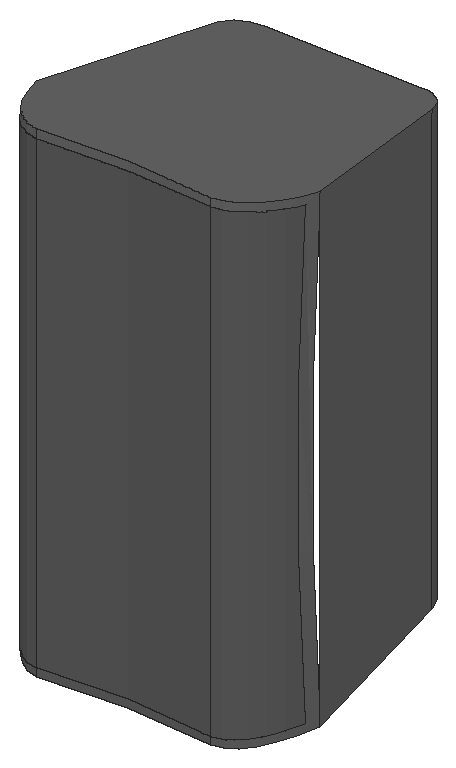
Revit family "AD-S8T", category Communication Devices, Revit 2012
Parameters
  Width = 254 mm
  Weight Dimensional (lb) = 32.1
  Weight Dimensional (kg) = 14.5
  URL = "TBA"
  Sensitivity = 90
  SPL Max = 119
  Rotation Axis Distance = 2491.3 mm
  Regulatory Compliance = "RoHS"
  Product Page URL = "TBA"
  Product Documentation Link = "TBA"
  Weight Product (kg) = 11
  Weight Product (lb) = 24.1
  Power Handling = 200
  Model = "AD-S8T"
  Mid Depth = 244.9 mm
  Manufacturer URL = "www.qscaudio.com"
  Manufacturer = "QSC Audio Products, LLC"
  Impedance = 8
  Height [instance] = 439.98 mm
  Grille Finish = Black Grille
  Enclosure Finish = Black Finish
  Description = "8\" 2-Way Surface Mount Loudspeaker"
  Depth [instance] = 254.273 mm
  Coverage Vertical = 105.00°
  Coverage Horizontal = 105.00°
  70V Taps = "60, 30, 15, 7.5"
  100V Taps = "60, 30, 15"
Reference planes
  plane 1 "Center (Front/Back) (Grille Extent)": y = 0
  plane 2: z = 0
  plane 3 "Center (Left/Right)": x = 0
  plane 4 "Rotation Axis Plane": y = 2491.3
  plane 5: x = -127
  plane 6: x = 127
  plane 7: x = 70.565
  plane 8: x = -70.565
  plane 9: y = 61.1
  plane 10: x = -98.25
  plane 11: x = 98.25
  plane 12: y = 231.7
  plane 13: x = -77.915
  plane 14: x = 77.915
  plane 15: y = 4.6
  plane 16 "Back Plane": y = 254.273
  plane 17: y = 245.5
  plane 18: y = 55.488
  plane 19: x = -123.533
  plane 20: x = 123.533
  plane 21: x = 70.565
  plane 22: x = -70.565
  plane 23: y = 61.1
  plane 24: x = -98.25
  plane 25: x = 98.25
  plane 26: y = 231.7
  plane 27: x = -77.915
  plane 28: x = 77.915
  plane 29: y = 4.6
  plane 30: y = 245.5
  plane 31: y = 55.488
  plane 32: x = -123.533
  plane 33: x = 123.533
  plane 34: z = 145
  plane 35: z = 105
  plane 36: x = -40
  plane 37: x = 40
  plane 38 "Top Plane": z = 219.99
  plane 39: z = -219.99
Forms (mm)
  Revolve 1, solid, material "Black Finish"
    sketch origin (0, 0, 0) x (1, 0, 0) y (0, 1, 0)
      loop
        arc (-70.565, 245.5) -> (-89.024, 239.332) -> (-98.887, 222.553) r 27.74
        line (-98.887, 222.553) -> (-127, 61.1)
        spline (-127, 61.1) -> (-124.054, 51.779) -> (-120.9, 43.226) -> (-117.538, 35.443) -> (-113.968, 28.429) -> (-110.189, 22.184) -> (-106.203, 16.707) -> (-102.009, 12) -> (-97.606, 8.062) -> (-92.995, 4.893) -> (-88.177, 2.493) -> (-83.15, 0.862) -> (-77.915, 0)
        spline (-77.915, 0) -> (-64.929, 1.462) -> (-51.943, 2.657) -> (-38.957, 3.588) -> (-25.972, 4.252) -> (-12.986, 4.65) -> (0, 4.783) -> (12.986, 4.65) -> (25.972, 4.252) -> (38.957, 3.588) -> (51.943, 2.657) -> (64.929, 1.462) -> (77.915, 0)
        spline (77.915, 0) -> (83.15, 0.862) -> (88.177, 2.493) -> (92.995, 4.893) -> (97.606, 8.062) -> (102.009, 12) -> (106.203, 16.707) -> (110.189, 22.184) -> (113.968, 28.429) -> (117.538, 35.443) -> (120.9, 43.226) -> (124.054, 51.779) -> (127, 61.1)
        line (127, 61.1) -> (98.887, 222.553)
        arc (98.887, 222.553) -> (89.024, 239.332) -> (70.565, 245.5) r 27.74
        line (70.565, 245.5) -> (-70.565, 245.5)
      axis (-127, 2491.3) -> (127, 2491.3)
    angle from -5.066 to 5.066
  Revolve 2, void
    sketch origin (0, 0, 0) x (1, 0, 0) y (0, 1, 0)
      loop
        line (-123.533, 55.488) -> (-123.533, 0) -> (123.533, 0) -> (123.533, 55.488) -> (-123.533, 55.488)
      axis (-123.533, 2491.3) -> (123.533, 2491.3)
    angle from -4.9 to 4.9
  Revolve 3, solid, material "Black Grille"
    sketch origin (0, 0, 0) x (1, 0, 0) y (0, 1, 0)
      loop
        spline (-77.915, 0) -> (-64.929, 1.462) -> (-51.943, 2.657) -> (-38.957, 3.588) -> (-25.972, 4.252) -> (-12.986, 4.65) -> (0, 4.783) -> (12.986, 4.65) -> (25.972, 4.252) -> (38.957, 3.588) -> (51.943, 2.657) -> (64.929, 1.462) -> (77.915, 0)
        spline (77.915, 0) -> (82.486, 0.473) -> (86.917, 1.621) -> (91.208, 3.445) -> (95.359, 5.945) -> (99.37, 9.121) -> (103.242, 12.972) -> (106.973, 17.499) -> (110.565, 22.702) -> (114.017, 28.581) -> (117.328, 35.135) -> (120.5, 42.365) -> (123.533, 50.27)
        line (123.533, 50.27) -> (-123.533, 50.27)
        spline (-123.533, 50.27) -> (-120.5, 42.365) -> (-117.328, 35.135) -> (-114.017, 28.581) -> (-110.565, 22.702) -> (-106.973, 17.499) -> (-103.242, 12.972) -> (-99.37, 9.121) -> (-95.359, 5.945) -> (-91.208, 3.445) -> (-86.917, 1.621) -> (-82.486, 0.473) -> (-77.915, 0)
      axis (-123.533, 2491.3) -> (123.533, 2491.3)
    angle from -4.9 to 4.9
  Extrusion 4, void
    sketch origin (0, 254.273, 0) x (-1, 0, 0) y (0, 0, -1)
      loop
        line (-40, -145) -> (40, -145) -> (40, -105) -> (-40, -105) -> (-40, -145)
    from 0 to 10
Cuts and joins
  Revolve 2, Extrusion 4 cuts Revolve 1
Lines and regions (mm)
  model lines, detail levels fine
    curve 1: line (3.708, 42.266, 217.133) -> (-0.256, 47.468, 216.677)
    curve 2: line (-0.256, 47.468, 216.677) -> (3.708, 42.266, 217.133)
    curve 3: line (-14.626, 42.916, 217.076) -> (-13.128, 48.282, 216.606)
    curve 4: line (-13.128, 48.282, 216.606) -> (-14.626, 42.916, 217.076)
    curve 5: line (-12.125, 39.363, 217.387) -> (-13.242, 49.293, 216.518)
    curve 6: line (-13.242, 49.293, 216.518) -> (-12.125, 39.363, 217.387)
    curve 7: line (9.015, 46.31, 216.779) -> (12.549, 43.724, 217.005)
    curve 8: line (12.549, 43.724, 217.005) -> (9.015, 46.31, 216.779)
    curve 17: line (-125.423, 79.615, 4.687) -> (-124.55, 84.607, 0.84)
    curve 18: line (-124.55, 84.607, 0.84) -> (-125.423, 79.615, 4.687)
    curve 19: line (-125.314, 80.239, -13.106) -> (-124.414, 85.388, -11.652)
    curve 20: line (-124.414, 85.388, -11.652) -> (-125.314, 80.239, -13.106)
    curve 21: line (-125.91, 76.829, -10.678) -> (-124.244, 86.359, -11.763)
    curve 22: line (-124.244, 86.359, -11.763) -> (-125.91, 76.829, -10.678)
    curve 23: line (-124.744, 83.496, 9.837) -> (-125.178, 81.014, 13.267)
    curve 24: line (-125.178, 81.014, 13.267) -> (-124.744, 83.496, 9.837)
    curve 33: line (125.381, 79.608, -4.687) -> (124.509, 84.6, -0.84)
    curve 34: line (124.509, 84.6, -0.84) -> (125.381, 79.608, -4.687)
    curve 35: line (125.272, 80.231, 13.106) -> (124.372, 85.381, 11.652)
    curve 36: line (124.372, 85.381, 11.652) -> (125.272, 80.231, 13.106)
    curve 37: line (125.868, 76.822, 10.678) -> (124.203, 86.351, 11.763)
    curve 38: line (124.203, 86.351, 11.763) -> (125.868, 76.822, 10.678)
    curve 39: line (124.703, 83.489, -9.837) -> (125.137, 81.007, -13.267)
    curve 40: line (125.137, 81.007, -13.267) -> (124.703, 83.489, -9.837)
    curve 42: line (3.708, 42.266, -217.133) -> (-0.256, 47.468, -216.677)
    curve 43: line (-0.256, 47.468, -216.677) -> (3.708, 42.266, -217.133)
    curve 44: line (-14.626, 42.916, -217.076) -> (-13.128, 48.282, -216.606)
    curve 45: line (-13.128, 48.282, -216.606) -> (-14.626, 42.916, -217.076)
    curve 46: line (-12.125, 39.363, -217.387) -> (-13.242, 49.293, -216.518)
    curve 47: line (-13.242, 49.293, -216.518) -> (-12.125, 39.363, -217.387)
    curve 48: line (9.015, 46.31, -216.779) -> (12.549, 43.724, -217.005)
    curve 49: line (12.549, 43.724, -217.005) -> (9.015, 46.31, -216.779)
  model lines, not visible, detail levels fine
    curve 9: line (-9.316, 28.664, 0.794) -> (-13.279, 33.886, 0.794)
    curve 10: line (-13.279, 33.886, 0.794) -> (-9.316, 28.664, 0.794)
    curve 11: line (-27.649, 29.316, 0.794) -> (-26.152, 34.703, 0.794)
    curve 12: line (-26.152, 34.703, 0.794) -> (-27.649, 29.316, 0.794)
    curve 13: line (-25.148, 25.749, 0.794) -> (-26.266, 35.718, 0.794)
    curve 14: line (-26.266, 35.718, 0.794) -> (-25.148, 25.749, 0.794)
    curve 15: line (-4.009, 32.724, 0.794) -> (-0.474, 30.127, 0.794)
    curve 16: line (-0.474, 30.127, 0.794) -> (-4.009, 32.724, 0.794)
    curve 25: line (19.441, -60.935, 26.087) -> (15.594, -55.867, 26.087)
    curve 26: line (15.594, -55.867, 26.087) -> (19.441, -60.935, 26.087)
    curve 27: line (1.648, -60.302, 26.087) -> (3.102, -55.074, 26.087)
    curve 28: line (3.102, -55.074, 26.087) -> (1.648, -60.302, 26.087)
    curve 29: line (4.076, -63.763, 26.087) -> (2.991, -54.089, 26.087)
    curve 30: line (2.991, -54.089, 26.087) -> (4.076, -63.763, 26.087)
    curve 31: line (24.591, -56.995, 26.087) -> (28.021, -59.515, 26.087)
    curve 32: line (28.021, -59.515, 26.087) -> (24.591, -56.995, 26.087)
  model lines, detail levels medium+fine
    curve 41: circle (0, 131.794, -209.169) r 12 normal (0, 0.0883, -0.9961)
    curve 51: circle (0, 131.794, 209.169) r 12 normal (0, -0.0883, -0.9961)
  model lines, not visible, detail levels medium+fine
    curve 50: circle (0, 132.273, -219.99) r 12 normal (0, 0, -1)
Dimensions and locks
  "Rotation Axis Distance": plane 4 "Rotation Axis Plane" to plane 1 "Center (Front/Back) (Grille Extent)"
  equal spacing: plane 5, plane 3 "Center (Left/Right)", plane 6
  "Width": plane 5 to plane 6
  equal spacing: plane 8, plane 3 "Center (Left/Right)", plane 7
  plane 8 to plane 7 = 141.129 mm
  plane 10 to plane 11 = 196.5 mm
  equal spacing: plane 10, plane 3 "Center (Left/Right)", plane 11
  equal spacing: plane 13, plane 3 "Center (Left/Right)", plane 14
  plane 13 to plane 14 = 155.829 mm
  plane 15 to plane 1 "Center (Front/Back) (Grille Extent)" = 4.6 mm
  "Depth": plane 16 "Back Plane" to plane 1 "Center (Front/Back) (Grille Extent)"
  plane 17 to plane 1 "Center (Front/Back) (Grille Extent)" = 245.5 mm
  equal spacing: plane 19, plane 3 "Center (Left/Right)", plane 20
  plane 19 to plane 20 = 247.065 mm
  plane 22 to plane 21 = 141.129 mm  (x2)
  plane 24 to plane 25 = 196.5 mm  (x2)
  plane 27 to plane 28 = 155.829 mm  (x2)
  plane 32 to plane 33 = 247.065 mm
  plane 34 to plane 35 = 40 mm
  equal spacing: plane 36, plane 3 "Center (Left/Right)", plane 37
  plane 36 to plane 37 = 80 mm
  "Height": plane 38 "Top Plane" to plane 39
  aligned and locked: plane 2 to level
  aligned and locked: Revolve 1 to plane 16 "Back Plane"
  aligned and locked: Revolve 1 sketch curve to plane 17
  aligned and locked: Revolve 2 sketch curve to plane 4 "Rotation Axis Plane"
  aligned and locked: Revolve 2 sketch curve to plane 18
  aligned and locked: Revolve 2 sketch curve to plane 19
  aligned and locked: Revolve 2 sketch curve to plane 1 "Center (Front/Back) (Grille Extent)"
  aligned and locked: Revolve 2 sketch curve to plane 20
  aligned and locked: cut or joined group of Revolve 1, Revolve 2, Extrusion 4 to curve 23
  aligned and locked: plane 34 to Extrusion 4 sketch curve
  aligned and locked: plane 37 to Extrusion 4 sketch curve
  aligned and locked: Extrusion 4 sketch curve to plane 35
  aligned and locked: Extrusion 4 sketch curve to plane 36
  aligned and locked: plane 38 "Top Plane" to cut or joined group of Revolve 1, Revolve 2, Extrusion 4
  aligned and locked: plane 39 to cut or joined group of Revolve 1, Revolve 2, Extrusion 4
Automatic sketch dimensions
  Revolve 1 sketch curve to plane 5 = 0 mm  (x2)
  Revolve 1 sketch curve to plane 4 "Rotation Axis Plane" = 0 mm
  plane 1 "Center (Front/Back) (Grille Extent)" to Revolve 1 sketch curve = 0 mm
  Revolve 1 sketch curve to plane 13 = 0 mm
  Revolve 1 sketch curve to plane 8 = 0 mm
  Revolve 1 sketch curve to plane 7 = 0 mm
  Revolve 1 sketch curve to plane 14 = 0 mm
  Revolve 1 sketch curve to plane 6 = 0 mm  (x2)
  Revolve 1 sketch curve to plane 9 = 0 mm  (x2)
  Revolve 1 sketch curve to plane 10 = 0.637 mm
  plane 8 to Revolve 1 sketch curve = 0.997 mm
  plane 7 to Revolve 1 sketch curve = 0.997 mm
  Revolve 1 sketch curve to plane 11 = 0.637 mm
  Revolve 1 sketch curve to Revolve 1 sketch curve = 27.722 mm  (x2)
  Revolve 2 sketch curve to plane 3 "Center (Left/Right)" = 0 mm
  Revolve 2 sketch curve to plane 6 = 0 mm
  Revolve 3 sketch curve to plane 4 "Rotation Axis Plane" = 0 mm
  Revolve 3 sketch curve to plane 5 = 0 mm
  Revolve 3 sketch curve to plane 32 = 0 mm
  plane 1 "Center (Front/Back) (Grille Extent)" to Revolve 3 sketch curve = 0 mm
  Revolve 3 sketch curve to plane 27 = 0 mm
  Revolve 3 sketch curve to plane 28 = 0 mm
  Revolve 3 sketch curve to plane 33 = 0 mm
  Revolve 3 sketch curve to plane 6 = 0 mm
  Revolve 3 sketch curve to plane 31 = 5.217 mm
  curve 19 to curve 20 = 0 mm  (x2)
  curve 19 to curve 21 = 1.343 mm
  curve 22 to curve 21 = 0 mm  (x3)
  curve 22 to curve 19 = 0.11 mm
  curve 20 to curve 19 = 0 mm
  curve 19 to curve 21 = 2.427 mm
  curve 19 to curve 18 = 12.493 mm
  curve 17 to curve 18 = 0 mm
  curve 17 to curve 17 = 3.846 mm
  curve 18 to curve 17 = 0 mm  (x3)
  curve 17 to curve 24 = 5.151 mm
  curve 23 to curve 24 = 0 mm  (x2)
  curve 23 to curve 24 = 3.43 mm
  curve 21 to curve 22 = 0 mm
  curve 21 to curve 17 = 2.829 mm
  curve 21 to curve 20 = 3.461 mm
  curve 17 to curve 23 = 1.42 mm
  curve 24 to curve 23 = 0 mm  (x2)
  curve 23 to curve 23 = 2.52 mm
  curve 18 to curve 17 = 5.068 mm
  curve 19 to curve 20 = 5.228 mm
  curve 27 to curve 28 = 0 mm  (x2)
  curve 27 to curve 29 = 1.343 mm
  curve 30 to curve 29 = 0 mm  (x3)
  curve 30 to curve 27 = 0.11 mm
  curve 28 to curve 27 = 0 mm
  curve 27 to curve 29 = 2.427 mm
  curve 27 to curve 26 = 12.493 mm
  curve 25 to curve 26 = 0 mm
  curve 25 to curve 25 = 3.846 mm
  curve 26 to curve 25 = 0 mm  (x3)
  curve 25 to curve 32 = 5.151 mm
  curve 31 to curve 32 = 0 mm  (x2)
  curve 31 to curve 32 = 3.43 mm
  curve 29 to curve 30 = 0 mm
  curve 29 to curve 25 = 2.829 mm
  curve 29 to curve 28 = 3.461 mm
  curve 25 to curve 31 = 1.42 mm
  curve 32 to curve 31 = 0 mm  (x2)
  curve 31 to curve 31 = 2.52 mm
  curve 26 to curve 25 = 5.068 mm
  curve 27 to curve 28 = 5.228 mm
  curve 35 to curve 36 = 0 mm  (x2)
  curve 35 to curve 37 = 1.343 mm
  curve 38 to curve 37 = 0 mm  (x3)
  curve 38 to curve 35 = 0.11 mm
  curve 36 to curve 35 = 0 mm
  curve 35 to curve 37 = 2.427 mm
  curve 35 to curve 34 = 12.493 mm
  curve 33 to curve 34 = 0 mm
  curve 33 to curve 33 = 3.846 mm
  curve 34 to curve 33 = 0 mm  (x3)
  curve 33 to curve 40 = 5.151 mm
  curve 39 to curve 40 = 0 mm  (x2)
  curve 39 to curve 40 = 3.43 mm
  curve 37 to curve 38 = 0 mm
  curve 37 to curve 33 = 2.829 mm
  curve 37 to curve 36 = 3.461 mm
  curve 33 to curve 39 = 1.42 mm
  curve 40 to curve 39 = 0 mm  (x2)
  curve 39 to curve 39 = 2.52 mm
  curve 34 to curve 33 = 5.068 mm
  curve 35 to curve 36 = 5.228 mm
